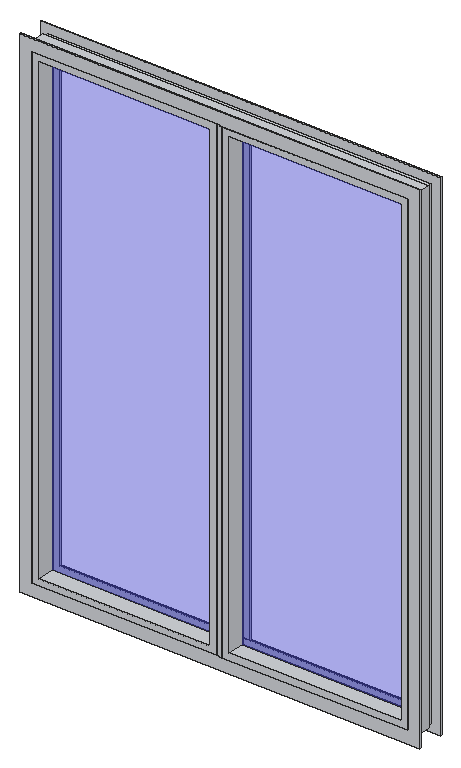
Revit family "8325F_Fixed Single Vertical Rail", category Windows, host Wall, Revit 2023
Family settings
  Host = Wall
  OmniClass Number = 23.30.20.00
  OmniClass Title = Windows
  Always vertical = Yes
  Cut with Voids When Loaded = No
  Shared = No
  Room Calculation Point = No
Parameters
  Left Bay Width (Rail Location) = 1' - 8 5/8"
  Height = 5' - 0"
  Glass Material = Glass
  Frame Material = none
  Depth From Exterior = 0' - 1"
  Default Sill Height = 3' - 0"
  Wall Closure = By host
  Width = 4' - 0"
Reference planes (in)
  plane 1 "Center (Front/Back)": y = 0
  plane 2: z = 0
  plane 3 "Center (Left/Right)": x = 0
  plane 4 "Left": x = -24
  plane 5 "Right": x = 24
  plane 6 "Sill": z = 36
  plane 7 "Top": z = 96
  plane 8: y = 2
  plane 9: y = 3
  plane 10: y = -1.25692
  plane 11: y = 0.778
  plane 12: y = 2
  plane 13: y = 1.87499
  plane 14: x = -1.17524
  plane 15: x = 1.05095
  plane 16: x = 0.28125
  plane 17: x = -0.39938
  plane 18: y = 1.87499
  plane 19: y = -1.25692
  plane 20: x = 21.67595
  plane 21: y = 0.778
  plane 22: y = -1.25692
  plane 23: y = 0.778
  plane 24: y = -1.25692
  plane 25: x = -21.67595
Forms (in)
  Sweep 1, solid
    path origin (0, 0, 0) x (1, 0, 0) y (0, 0, 1)
      loop
        line (24, 36) -> (24, 96) -> (-24, 96) -> (-24, 36) -> (24, 36)
    profile origin (0, 0, 36) x (0, 0, -1) y (0, -1, 0)
      loop
        line (-2.32405, -2) -> (-0.10968, -2) -> (-0.10968, -1.875) -> (-1.42642, -1.875) -> (-1.42642, -1.74375) -> (-1.36642, -1.68375) -> (-1.09626, -1.68375) -> (-1.09626, -1.36375) -> (-1.36643, -1.36375) -> (-1.42642, -1.30376) -> (-1.42642, -1.15496) -> (-0.93544, -1.15496) -> (-0.93544, 0.41188) -> (-1.273, 0.41188) -> (-1.273, 0.62067) -> (-1.09626, 0.62067) -> (-1.09626, 0.94067) -> (-1.273, 0.94067) -> (-1.273, 1.13192) -> (-0.10968, 1.13192) -> (-0.10968, 1.25692) -> (-1.55142, 1.25692) -> (-1.55142, -1.875) -> (-2.32405, -1.875) -> (-2.32405, -2)
  Sweep 2, solid, material "Glass" <- "Glass Material"
    path origin (0, 0, 0) x (0, 1, 0) y (0, 0, 1)
      loop
        line (1.875, 37.44174) -> (1.875, 94.55826)
    profile origin (0, 1.875, 66) x (0, -1, 0) y (1, 0, 0)
      loop
        line (0, -22.44858) -> (0.25, -22.44858) -> (0.25, 22.44858) -> (0, 22.44858) -> (0, -22.44858)
      loop
        line (0.75, -22.44858) -> (1, -22.44858) -> (1, 22.44858) -> (0.75, 22.44858) -> (0.75, -22.44858)
  Sweep 3, solid
    path origin (0, 0, 0) x (0, 1, 0) y (0, 0, 1)
      loop
        line (1.93736, 38.32405) -> (1.93736, 93.67595)
    profile origin (0, 1.93736, 66) x (0, -1, 0) y (1, 0, 0)
      loop
        line (-0.06264, 1.05095) -> (-0.06264, -1.17524) -> (0.06237, -1.17524) -> (0.06237, 1.05095) -> (-0.06264, 1.05095)
  Sweep 4, solid
    path origin (0, 0, 0) x (0, 1, 0) y (0, 0, 1)
      loop
        line (0.3246, 37.55142) -> (0.3246, 94.44858)
    profile origin (0, 0.3246, 66) x (0, -1, 0) y (1, 0, 0)
      loop
        line (1.58152, 0.28125) -> (-1.55039, 0.28125) -> (-1.55039, -0.39938) -> (1.58152, -0.39938) -> (1.58152, 0.28125)
  Sweep 5, solid
    path origin (0, 0, 0) x (1, 0, 0) y (0, 0, 1)
      loop
        line (-22.44858, 37.55142) -> (-0.39938, 37.55142) -> (-0.39938, 94.44858) -> (-22.44858, 94.44858) -> (-22.44858, 37.55142)
    profile origin (-11.42398, 0, 37.55142) x (0, 0, 1) y (0, -1, 0)
      loop
        line (0.75001, 1.25692) -> (0, 1.25692) -> (0, 0.557) -> (0.36056, 0.557) -> (0.36056, -0.778) -> (0.75001, -0.778) -> (0.75001, 1.25692)
  Sweep 6, solid
    path origin (0, 0, 0) x (1, 0, 0) y (0, 0, 1)
      loop
        line (0.28125, 37.55142) -> (22.44858, 37.55142) -> (22.44858, 94.44858) -> (0.28125, 94.44858) -> (0.28125, 37.55142)
    profile origin (11.36491, 0, 37.55142) x (0, 0, 1) y (0, -1, 0)
      loop
        line (0, 1.25692) -> (0, 0.557) -> (0.35986, 0.557) -> (0.35986, -0.778) -> (0.75, -0.778) -> (0.75, 1.25692) -> (0, 1.25692)
Lines and regions (in)
  Opening 1
    outline origin (-60, -3, 0) x (1, 0, 0) y (0, 0, 1)
      loop
        line (36, 96) -> (36, 36) -> (84, 36) -> (84, 96) -> (36, 96)
Text (in)
  text "EXTERIOR" at (-58.6888, 50.90694, 0), in view "Ref. Level"
  text "INTERIOR" at (-58.6888, -37.76638, 0), in view "Ref. Level"
  text "Exterior" at (0, 43.65631, 123.19604), in view "Left"
  text "Exterior" at (0, 18.29385, 125.04747), in view "Right"
Dimensions and locks (in)
  equal spacing: plane 4 "Left", plane 3 "Center (Left/Right)", plane 5 "Right"
  "Height": plane 6 "Sill" to plane 7 "Top"
  "Default Sill Height": plane 2 to plane 6 "Sill"
  "Depth From Exterior": plane 9 to plane 8
  "Width": plane 4 "Left" to plane 5 "Right"
  locked: plane 11 to plane 10 at 2.03492
  locked: plane 8 to plane 10 at 3.25692
  locked: plane 12 to plane 13 at 0.12501
  locked: plane 17 to plane 16 at 0.68063
  locked: plane 14 to plane 15 at 2.22619
  locked: plane 16 to plane 15 at 0.7697
  locked: plane 18 to plane 19 at 3.13191
  "Left Bay Width (Rail Location)": plane 20 to plane 15
  locked: plane 21 to plane 22 at 2.03492
  locked: plane 23 to plane 24 at 2.03492
  locked: plane 20 to plane 5 "Right" at 2.32405
  locked: plane 4 "Left" to plane 25 at 2.32405
  aligned and locked: plane 7 "Top" to Opening 1 sketch curve
  aligned and locked: plane 6 "Sill" to Opening 1 sketch curve  (x2)
  aligned and locked: plane 5 "Right" to Opening 1 sketch curve
  aligned and locked: plane 4 "Left" to Opening 1 sketch curve
  aligned and locked: level to plane 2
  aligned and locked: plane 6 "Sill" to Sweep 1 sketch curve
  aligned and locked: plane 4 "Left" to Sweep 1 sketch curve
  aligned and locked: Sweep 1 sketch curve to plane 7 "Top"
  aligned and locked: Sweep 1 sketch curve to plane 5 "Right"
  aligned and locked: Sweep 2 sketch curve to Sweep 1  (x5)
  aligned and locked: plane 9 to host wall
  aligned and locked: plane 8 to Sweep 1
  aligned and locked: plane 10 to Sweep 1
  aligned and locked: Sweep 1 to Sweep 3 sketch curve  (x2)
  aligned and locked: plane 12 to Sweep 3
  aligned and locked: plane 13 to Sweep 3
  aligned and locked: plane 8 to plane 12
  aligned and locked: Sweep 1 to Sweep 4 sketch curve  (x2)
  aligned and locked: plane 14 to Sweep 3
  aligned and locked: plane 15 to Sweep 3
  aligned and locked: plane 17 to Sweep 4
  aligned and locked: plane 16 to Sweep 4
  aligned and locked: plane 18 to Sweep 4
  aligned and locked: plane 19 to Sweep 4
  aligned and locked: plane 18 to plane 13
  aligned and locked: plane 20 to Sweep 1
  aligned and locked: plane 17 to Sweep 5 sketch curve
  aligned and locked: Sweep 5 sketch curve to Sweep 1  (x3)
  aligned and locked: plane 21 to Sweep 5
  aligned and locked: plane 22 to Sweep 5
  aligned and locked: plane 11 to plane 21
  aligned and locked: Sweep 6 sketch curve to Sweep 1  (x3)
  aligned and locked: plane 23 to Sweep 6
  aligned and locked: plane 24 to Sweep 6
  aligned and locked: plane 23 to plane 21
  aligned and locked: Sweep 6 sketch curve to plane 16
  aligned and locked: plane 25 to Sweep 1
Automatic sketch dimensions
  profile plane to Sweep 1 sketch curve = 0' - 1.55142"
  Sweep 1 sketch curve to Sweep 1 sketch curve = 0' - 0 1/8"  (x3)
  Sweep 1 sketch curve to Sweep 1 sketch curve = 0' - 0"  (x3)
  Sweep 1 sketch curve to Sweep 1 sketch curve = 0' - 0.06"  (x4)
  Sweep 1 sketch curve to Sweep 1 sketch curve = 0' - 0.27842"
  Sweep 1 sketch curve to Sweep 1 sketch curve = 0' - 0.27016"
  Sweep 1 sketch curve to Sweep 1 sketch curve = 0' - 0.17673"
  Sweep 1 sketch curve to Sweep 1 sketch curve = 0' - 0.16083"
  Sweep 1 sketch curve to Sweep 1 sketch curve = 0' - 0.98658"  (x2)
  Sweep 1 sketch curve to plane 1 "Center (Front/Back)" = 0' - 2"
  Sweep 1 sketch curve to Sweep 1 sketch curve = 0' - 0.13125"
  Sweep 1 sketch curve to Sweep 1 sketch curve = 0' - 0.32"  (x2)
  Sweep 1 sketch curve to Sweep 1 sketch curve = 0' - 0.1488"
  Sweep 1 sketch curve to Sweep 1 sketch curve = 0' - 1.56684"
  Sweep 1 sketch curve to Sweep 1 sketch curve = 0' - 0.20879"
  Sweep 1 sketch curve to Sweep 1 sketch curve = 0' - 0.19125"
  Sweep 1 sketch curve to Sweep 1 sketch curve = 0' - 0.77263"
  Sweep 2 sketch curve to plane 6 "Sill" = 0' - 1.44174"
  plane 7 "Top" to Sweep 2 sketch curve = 0' - 1.44174"
  profile plane to Sweep 2 sketch curve = 0' - 0"
  Sweep 2 sketch curve to Sweep 2 sketch curve = 0' - 0 1/4"  (x2)
  Sweep 2 sketch curve to Sweep 2 sketch curve = 0' - 0 3/4"
  plane 8 to Sweep 3 sketch curve = 0' - 0.06264"
  profile plane to Sweep 3 sketch curve = 0' - 0.06264"
  Sweep 3 sketch curve to Sweep 3 sketch curve = 0' - 0 1/8"
  Sweep 3 sketch curve to plane 3 "Center (Left/Right)" = 0' - 1.17524"
  Sweep 3 sketch curve to Sweep 3 sketch curve = 0' - 2.22619"
  Sweep 4 sketch curve to plane 1 "Center (Front/Back)" = 0' - 0.3246"
  profile plane to Sweep 4 sketch curve = 0' - 1.55039"
  Sweep 4 sketch curve to Sweep 4 sketch curve = 0' - 3.13191"
  Sweep 4 sketch curve to plane 3 "Center (Left/Right)" = 0' - 0.39938"
  Sweep 4 sketch curve to Sweep 4 sketch curve = 0' - 0.68063"
  profile plane to Sweep 5 sketch curve = 0' - 0"
  Sweep 5 sketch curve to Sweep 5 sketch curve = 0' - 0.36056"
  Sweep 5 sketch curve to Sweep 5 sketch curve = 0' - 0.38945"
  Sweep 5 sketch curve to plane 1 "Center (Front/Back)" = 0' - 0.778"
  Sweep 5 sketch curve to Sweep 5 sketch curve = 0' - 2.03492"
  Sweep 5 sketch curve to Sweep 5 sketch curve = 0' - 0.69992"
  Sweep 6 sketch curve to profile plane = 0' - 0.35986"
  Sweep 6 sketch curve to Sweep 6 sketch curve = 0' - 0.39014"
  Sweep 6 sketch curve to plane 1 "Center (Front/Back)" = 0' - 0.778"
  Sweep 6 sketch curve to Sweep 6 sketch curve = 0' - 1.335"
  Sweep 6 sketch curve to Sweep 6 sketch curve = 0' - 0.69992"
  Sweep 6 sketch curve to Sweep 6 sketch curve = 0' - 0 3/4"
